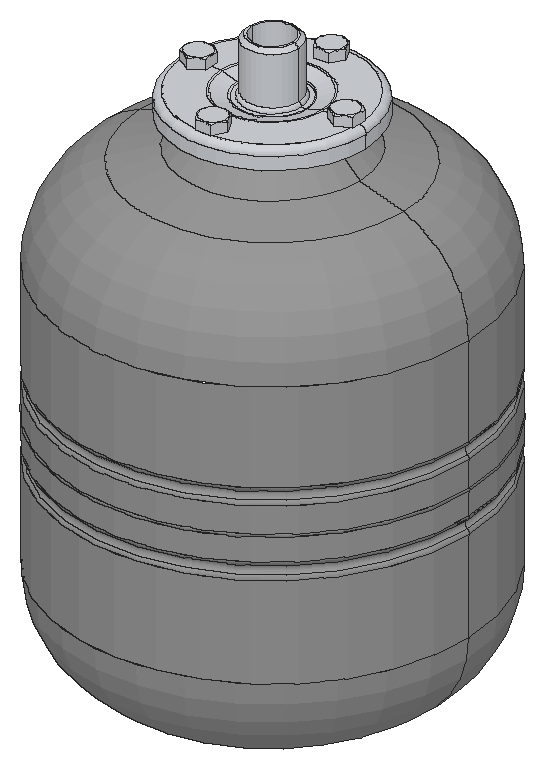
Revit family "WRV 8", category Оборудование, Revit 2014
Parameters
  Описание = "Мембранный бак для отопления V=8л, Py=5бар, 3/4\""
  Материал крышки = Черная резина
  Материал = Красная краска
  Масса кг = "1.55"
  Крышка [instance] = yes
  Комментарии к типоразмеру = "WRV 8"
  Изготовитель = "WESTER"  # constant formula
  URL = "http://www.wester.su/"
Reference planes
  plane 1 "По центру (Вперед/Назад)": y = 0
  plane 2: z = 0
  plane 3 "По центру (Влево/Вправо)": x = 0
  plane 4: z = 161.5
Forms (mm)
  Revolve 1, solid, material "Красная краска" <- "Материал"
    sketch origin (-161.5, 0, 141.055) x (0, 0, -1) y (1, 0, 0)
      loop
        line (76.813, 261.5) -> (29.754, 261.5)
        arc (29.754, 261.5) -> (28.584, 261.203) -> (27.684, 260.4) r 2.535
        arc (27.684, 260.4) -> (25.587, 259.296) -> (23.49, 260.4) r 2.544
        arc (23.49, 260.4) -> (22.59, 261.203) -> (21.421, 261.5) r 2.535
        line (21.421, 261.5) -> (9.956, 261.5)
        arc (9.956, 261.5) -> (9.264, 261.702) -> (8.572, 261.5) r 1.285
        line (8.572, 261.5) -> (-4.277, 261.5)
        arc (-4.277, 261.5) -> (-5.446, 261.203) -> (-6.346, 260.4) r 2.535
        arc (-6.346, 260.4) -> (-8.443, 259.296) -> (-10.54, 260.4) r 2.544
        arc (-10.54, 260.4) -> (-11.44, 261.203) -> (-12.61, 261.5) r 2.535
        line (-12.61, 261.5) -> (-58.408, 261.5)
        arc (-58.408, 261.5) -> (-87.24, 252.323) -> (-105.464, 228.17) r 49.882
        arc (-105.464, 228.17) -> (-109.012, 217.207) -> (-112.001, 206.078) r 227.981
        line (-112.001, 206.078) -> (-127.507, 190.572) -> (-127.507, 161.5) -> (124.057, 161.5) -> (124.057, 168.355)
        arc (124.057, 168.355) -> (124.128, 168.929) -> (124.385, 169.448) r 1.727
        line (124.385, 169.448) -> (133.11, 181.457)
        arc (133.11, 181.457) -> (133.877, 183.027) -> (134.063, 184.765) r 5.05
        arc (134.063, 184.765) -> (130.277, 206.679) -> (124.073, 228.034) r 199.361
        arc (124.073, 228.034) -> (105.768, 252.286) -> (76.813, 261.5) r 50.104
      axis (-127.507, 161.5) -> (134.063, 161.5)
    angle from 0 to 360
  Revolve 2, solid
    sketch origin (0, 0, 0) x (1, 0, 0) y (0, 0, 1)
      loop
        line (0, 268.559) -> (47.492, 268.559) -> (47.492, 274.974)
        arc (47.492, 274.974) -> (46.496, 277.464) -> (44.023, 278.5) r 3.47
        line (44.023, 278.5) -> (26.157, 278.5)
        arc (26.157, 278.5) -> (25.726, 278.448) -> (25.304, 278.35) r 3.918
        line (25.304, 278.35) -> (17.835, 276.159)
        arc (17.835, 276.159) -> (17.456, 276.04) -> (17.06, 276) r 1.968
        line (17.06, 276) -> (14.531, 276)
        arc (14.531, 276) -> (14.187, 277.207) -> (13.224, 278.012) r 2.132
        line (13.224, 278.012) -> (13.224, 302.006) -> (11.23, 304) -> (10.273, 304) -> (10.273, 278.5) -> (0, 278.5) -> (0, 268.559)
      axis (0, 304) -> (0, 268.559)
    angle from 0 to 360
  Revolve 3, solid
    sketch origin (0, 0, 0) x (1, 0, 0) y (0, 0, 1)
      loop
        line (3.985, 0.986) -> (3.985, 12.498) -> (6.063, 12.498) -> (6.063, 16.998) -> (0, 16.998) -> (0, -0.002) -> (2.997, -0.002) -> (3.985, 0.986)
      axis (0, 16.998) -> (0, -0.002)
    angle from 0 to 360
  Revolve 4, solid, material "Черная резина" <- "Материал крышки", visible <- "Крышка"
    sketch origin (0, 0, 0) x (1, 0, 0) y (0, 0, 1)
      loop
        line (0, -1.198) -> (0, 16.998) -> (-6.855, 16.998) -> (-21.971, 6.413) -> (-14.359, -1.198) -> (0, -1.198)
      axis (0, 16.998) -> (0, -1.198)
    angle from 0 to 360
Dimensions and locks
  aligned and locked: level to plane 2
Nested families
  nested 1: "Болт" at (-37.508, 0, 278.5) x (0, -1, 0) z (0, 0, 1), type "Болт"
  nested 2: "Болт" at (0, -37.5, 278.5) x (-1, 0, 0) z (0, 0, 1), type "Болт"
  nested 3: "Болт" at (0, 37.5, 278.5) x (-1, 0, 0) z (0, 0, 1), type "Болт"
  nested 4: "Болт" at (37.492, 0, 278.5) x (0, -1, 0) z (0, 0, 1), type "Болт"
Connectors
  piping at (0, 0, 304), diameter 20
    settings: on Revolve 2, index 1, connector inside diameter 609.6 mm, connector length 0 mm, flow factor 0, pipe flow 0.0 L/s, pressure drop 0.0 Pa, fitting loss kfactor 0, connector angle 0.00°, fixture units 0, engagement length 0 mm, angle of deflection 0.00°, flow configuration 1, flow direction 0, fitting loss method 0, system type 29, joint type 0, gender type 0, connector reference index -1, connector utility 0, adjustable connector no, is connector primary yes, connector description ""
Definition of nested family "Болт"
  Parameters (values of type "Болт")
    Default Elevation = 1219.2 mm
  Reference planes
    plane 1 "По центру (Вперед/Назад)": y = 0
    plane 2: z = 0
    plane 3 "По центру (Влево/Вправо)": x = 0
  Forms (mm)
    Extrusion 1, solid
      sketch origin (0, 0, 0) x (1, 0, 0) y (0, 1, 0)
        loop
          line (-1219.2, 1219.2) -> (-1219.2, -1219.2) -> (1219.2, -1219.2) -> (1219.2, 1219.2) -> (-1219.2, 1219.2)
      from 0 to -304.8
    Extrusion 2, solid, detail levels medium+fine
      sketch origin (0, 0, 0) x (0, 1, 0) y (-1, 0, 0)
        loop
          line (-6.5, -3.753) -> (0, -7.506) -> (6.5, -3.753) -> (6.5, 3.753) -> (0, 7.506) -> (-6.5, 3.753) -> (-6.5, -3.753)
      from 0 to 5.3
    Extrusion 3, solid, detail levels medium+fine
      sketch origin (0, 0, 0) x (1, 0, 0) y (0, 1, 0)
        loop
          circle (0, 0) r 4
      from -14 to 0
    Revolve 4, void
      sketch origin (0, 0, 0) x (1, 0, 0) y (0, 0, 1)
        loop
          line (-7.506, 4.447) -> (-6.413, 5.3) -> (-7.506, 5.3) -> (-7.506, 4.447)
        axis (0, 5.3) -> (0, 4.3)
      angle from 0 to 360
    Revolve 5, void
      sketch origin (0, 0, 0) x (1, 0, 0) y (0, 0, 1)
        loop
          line (-4, -14) -> (-2.365, -14) -> (-4, -12.365) -> (-4, -14)
        axis (0, -12.365) -> (0, -14)
      angle from 0 to 360
  Cuts and joins
    Revolve 4 cuts Extrusion 2
    Revolve 5 cuts Extrusion 3
    joined: Extrusion 2, Extrusion 3
  Dimensions and locks
    aligned and locked: plane 2 to Extrusion 1
    aligned and locked: level to Extrusion 1
    aligned and locked: Revolve 4 sketch curve to plane 3 "По центру (Влево/Вправо)"
    aligned and locked: cut or joined group of Extrusion 2, Extrusion 3, Revolve 4, Revolve 5 to Revolve 4 sketch curve
